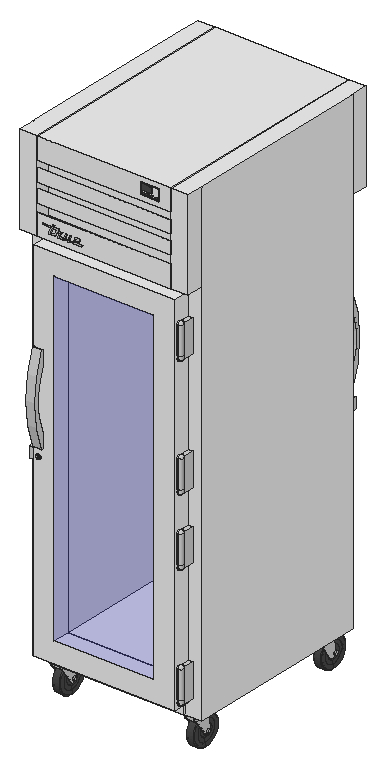
Revit family "QF_TRUE_STR1RPT-1G-1G-HC", category Specialty Equipment, Revit 2012 (continued)
Automatic sketch dimensions
  Revolve 51 sketch curve to Revolve 51 sketch curve = 0.02425"
  Revolve 51 sketch curve to Revolve 51 sketch curve = 0.40666"  (x2)
  Revolve 51 sketch curve to Revolve 51 sketch curve = 0"
  Revolve 51 sketch curve to plane 5 "TOP" = 38.25492"
  Revolve 51 sketch curve to Revolve 51 sketch curve = 0.55526"
  Revolve 51 sketch curve to Revolve 51 sketch curve = 0.19474"
  Revolve 51 sketch curve to Revolve 51 sketch curve = 0.14649"
  Revolve 51 sketch curve to Revolve 51 sketch curve = 4.42889"
  Revolve 51 sketch curve to Revolve 51 sketch curve = 0.05342"
  Revolve 51 sketch curve to Revolve 51 sketch curve = 0.51246"
  Revolve 51 sketch curve to Revolve 51 sketch curve = 0.05889"
  Extrusion 53 sketch curve to Extrusion 53 sketch curve = 0.20453"
  Extrusion 53 sketch curve to Extrusion 53 sketch curve = 0.43503"
  plane 6 to Extrusion 53 sketch curve = 27.92729"
  Extrusion 53 sketch curve to Extrusion 53 sketch curve = 4.39928"
  Extrusion 53 sketch curve to Extrusion 53 sketch curve = 0.71221"
  Revolve 54 sketch curve to Revolve 54 sketch curve = 0.38242"
  Revolve 54 sketch curve to Revolve 54 sketch curve = 0.38436"
  Revolve 54 sketch curve to Revolve 54 sketch curve = 0.02425"
  Revolve 54 sketch curve to Revolve 54 sketch curve = 0.40666"  (x2)
  Revolve 54 sketch curve to Revolve 54 sketch curve = 0"
  plane 6 to Revolve 54 sketch curve = 28.74508"
  Revolve 54 sketch curve to Revolve 54 sketch curve = 0.55526"
  Revolve 54 sketch curve to Revolve 54 sketch curve = 0.19474"
  Revolve 54 sketch curve to Revolve 54 sketch curve = 0.14649"
  Revolve 54 sketch curve to Revolve 54 sketch curve = 4.42889"
  Revolve 54 sketch curve to Revolve 54 sketch curve = 0.05342"
  Revolve 54 sketch curve to Revolve 54 sketch curve = 0.51246"
  Revolve 54 sketch curve to Revolve 54 sketch curve = 0.05889"
  Extrusion 56 sketch curve to Extrusion 56 sketch curve = 0.20453"
  Extrusion 56 sketch curve to Extrusion 56 sketch curve = 0.43503"
  plane 6 to Extrusion 56 sketch curve = 8.17729"
  plane 6 to Extrusion 56 sketch curve = 3.57348"
  Extrusion 56 sketch curve to Extrusion 56 sketch curve = 0.75105"
  Revolve 57 sketch curve to Revolve 57 sketch curve = 0.38242"
  Revolve 57 sketch curve to Revolve 57 sketch curve = 0.38436"
  Revolve 57 sketch curve to Revolve 57 sketch curve = 0.02425"
  Revolve 57 sketch curve to Revolve 57 sketch curve = 0.40666"  (x2)
  Revolve 57 sketch curve to Revolve 57 sketch curve = 0"
  plane 6 to Revolve 57 sketch curve = 8.99508"
  Revolve 57 sketch curve to Revolve 57 sketch curve = 0.55526"
  Revolve 57 sketch curve to Revolve 57 sketch curve = 0.19474"
  Revolve 57 sketch curve to Revolve 57 sketch curve = 0.14649"
  plane 6 to Revolve 57 sketch curve = 3.62689"
  Revolve 57 sketch curve to Revolve 57 sketch curve = 0.05342"
  Revolve 57 sketch curve to Revolve 57 sketch curve = 0.51246"
  Revolve 57 sketch curve to Revolve 57 sketch curve = 0.05889"
  Extrusion 3 sketch curve to Extrusion 3 sketch curve = 31"  (x2)
  Extrusion 3 sketch curve to Extrusion 3 sketch curve = 0.21659"
  Extrusion 25 sketch curve to Extrusion 25 sketch curve = 22.76936"
  Extrusion 31 sketch curve to Extrusion 31 sketch curve = 23.08888"
  Extrusion 34 sketch curve to Extrusion 34 sketch curve = 22.76936"
  Extrusion 35 sketch curve to Extrusion 35 sketch curve = 22.76936"
  Extrusion 40 sketch curve to Extrusion 40 sketch curve = 23.08888"
  Extrusion 47 sketch curve to plane 4 "FRONT" = 35.51521"
  Extrusion 47 sketch curve to Extrusion 47 sketch curve = 1.50065"
  Revolve 48 sketch curve to plane 4 "FRONT" = 35 15/16"
  Extrusion 50 sketch curve to plane 4 "FRONT" = 35.51521"
  Extrusion 50 sketch curve to Extrusion 50 sketch curve = 1.50065"
  Revolve 51 sketch curve to plane 4 "FRONT" = 35 15/16"
  Extrusion 53 sketch curve to plane 4 "FRONT" = 35.51521"
  Extrusion 53 sketch curve to Extrusion 53 sketch curve = 1.50065"
  Revolve 54 sketch curve to plane 4 "FRONT" = 35 15/16"
  Extrusion 56 sketch curve to plane 4 "FRONT" = 35.51521"
  Extrusion 56 sketch curve to Extrusion 56 sketch curve = 1.50065"
  Revolve 57 sketch curve to plane 4 "FRONT" = 35 15/16"
  plane 4 "FRONT" to Extrusion 7 sketch curve = 0.21185"  (x2)
  Extrusion 7 sketch curve to plane 4 "FRONT" = 0"  (x2)
  Extrusion 7 sketch curve to plane 4 "FRONT" = 9.47675"
  Extrusion 7 sketch curve to Extrusion 7 sketch curve = 7.78454"
  Extrusion 7 sketch curve to Extrusion 7 sketch curve = 2.37688"
  Extrusion 7 sketch curve to Extrusion 7 sketch curve = 0"
  plane 8 to Extrusion 59 sketch curve = 0"  (x2)
  Extrusion 59 sketch curve to Extrusion 59 sketch curve = 0.21151"  (x2)
  plane 8 to Extrusion 59 sketch curve = 9.5614"
  Extrusion 59 sketch curve to Extrusion 59 sketch curve = 7.69571"
  Extrusion 59 sketch curve to Extrusion 59 sketch curve = 2.37735"
  plane 6 to Extrusion 7 sketch curve = 32 5/8"
  Extrusion 7 sketch curve to Extrusion 7 sketch curve = 4.87312"
  plane 6 to Extrusion 59 sketch curve = 32 5/8"
  Extrusion 59 sketch curve to Extrusion 59 sketch curve = 4.87265"
  Extrusion 59 sketch curve to Extrusion 59 sketch curve = 0"
  Extrusion 26 sketch curve to plane 6 = 0.63926"  (x2)
  Extrusion 26 sketch curve to plane 4 "FRONT" = 3.79864"
  Extrusion 26 sketch curve to plane 6 = 1.24411"
  Extrusion 26 sketch curve to Extrusion 26 sketch curve = 1/4"  (x2)
  Extrusion 26 sketch curve to Extrusion 26 sketch curve = 1.7492"  (x2)
  Extrusion 26 sketch curve to Extrusion 26 sketch curve = 0.50669"  (x2)
  Extrusion 26 sketch curve to Extrusion 26 sketch curve = 2 1/2"  (x2)
  Extrusion 26 sketch curve to Extrusion 26 sketch curve = 0.59966"  (x2)
  plane 8 to Extrusion 26 sketch curve = 6.82645"
  level to Extrusion 26 sketch curve = 2.59003"  (x2)
  Extrusion 26 sketch curve to Extrusion 26 sketch curve = 0.07363"  (x2)
  Extrusion 26 sketch curve to Extrusion 26 sketch curve = 0.60485"
  Extrusion 1 sketch curve to plane 2 "LEFT" = 0"
  plane 2 "LEFT" to Extrusion 1 sketch curve = 2 55/64"
  Extrusion 1 sketch curve to plane 4 "FRONT" = 2 3/4"
  plane 8 to Extrusion 1 sketch curve = 2 3/4"
  Extrusion 2 sketch curve to plane 3 "RIGHT" = 0"
  Extrusion 2 sketch curve to plane 3 "RIGHT" = 2 55/64"
  Extrusion 2 sketch curve to plane 4 "FRONT" = 2 3/4"
  plane 8 to Extrusion 2 sketch curve = 2 3/4"
  plane 4 "FRONT" to Extrusion 4 sketch curve = 0"
  Extrusion 4 sketch curve to plane 3 "RIGHT" = 2 55/64"
  Extrusion 4 sketch curve to plane 3 "RIGHT" = 3/64"
  Extrusion 4 sketch curve to Extrusion 4 sketch curve = 2 3/4"
  plane 4 "FRONT" to Extrusion 5 sketch curve = 0"
  plane 2 "LEFT" to Extrusion 5 sketch curve = 3/64"
  Extrusion 5 sketch curve to Extrusion 5 sketch curve = 2 13/16"
  Extrusion 5 sketch curve to Extrusion 5 sketch curve = 2 3/4"
  plane 2 "LEFT" to Extrusion 6 sketch curve = 2 9/32"
  Extrusion 6 sketch curve to Extrusion 6 sketch curve = 3 11/32"  (x3)
  Extrusion 6 sketch curve to plane 3 "RIGHT" = 5 5/8"
  Extrusion 6 sketch curve to plane 3 "RIGHT" = 2 9/32"
  plane 6 to Extrusion 6 sketch curve = 1 29/32"
  Extrusion 6 sketch curve to plane 5 "TOP" = 19 1/2"
  plane 2 "LEFT" to Extrusion 8 sketch curve = 3.04215"
  Extrusion 8 sketch curve to Extrusion 8 sketch curve = 0.02035"
  Extrusion 8 sketch curve to Extrusion 8 sketch curve = 0.0555"
  plane 6 to Extrusion 8 sketch curve = 30.95645"
  Extrusion 8 sketch curve to Extrusion 8 sketch curve = 0.29355"
  Extrusion 8 sketch curve to Extrusion 8 sketch curve = 0.27385"
  plane 2 "LEFT" to Extrusion 9 sketch curve = 3.68957"
  Extrusion 9 sketch curve to Extrusion 9 sketch curve = 0.10565"  (x5)
  Extrusion 9 sketch curve to Extrusion 9 sketch curve = 1.03891"
  Extrusion 9 sketch curve to Extrusion 9 sketch curve = 0.04606"
  Extrusion 9 sketch curve to Extrusion 9 sketch curve = 0.04025"
  Extrusion 9 sketch curve to Extrusion 9 sketch curve = 0.33624"
  Extrusion 9 sketch curve to Extrusion 9 sketch curve = 0.03034"  (x2)
  Extrusion 9 sketch curve to Extrusion 9 sketch curve = 0.29274"
  Extrusion 9 sketch curve to Extrusion 9 sketch curve = 0.03232"
  Extrusion 9 sketch curve to Extrusion 9 sketch curve = 0.08083"
  Extrusion 9 sketch curve to Extrusion 9 sketch curve = 0.1527"
  Extrusion 9 sketch curve to Extrusion 9 sketch curve = 0.19721"
  Extrusion 9 sketch curve to Extrusion 9 sketch curve = 0.4629"
  Extrusion 9 sketch curve to Extrusion 9 sketch curve = 0.02197"
  Extrusion 9 sketch curve to Extrusion 9 sketch curve = 0.12632"
  Extrusion 9 sketch curve to Extrusion 9 sketch curve = 0.18591"
  Extrusion 9 sketch curve to Extrusion 9 sketch curve = 0.2322"
  Extrusion 9 sketch curve to Extrusion 9 sketch curve = 0.13786"
  Extrusion 9 sketch curve to Extrusion 9 sketch curve = 0.00907"
  Extrusion 9 sketch curve to Extrusion 9 sketch curve = 0.01413"
  Extrusion 9 sketch curve to Extrusion 9 sketch curve = 0.37162"
  Extrusion 9 sketch curve to Extrusion 9 sketch curve = 0.12551"
  Extrusion 9 sketch curve to Extrusion 9 sketch curve = 0.07633"
  Extrusion 9 sketch curve to Extrusion 9 sketch curve = 0.08445"
  Extrusion 9 sketch curve to Extrusion 9 sketch curve = 0.25598"
  Extrusion 9 sketch curve to Extrusion 9 sketch curve = 0.01887"
  Extrusion 9 sketch curve to Extrusion 9 sketch curve = 0.04061"
  Extrusion 9 sketch curve to Extrusion 9 sketch curve = 0.0653"
  Extrusion 9 sketch curve to Extrusion 9 sketch curve = 0.08474"
  Extrusion 9 sketch curve to Extrusion 9 sketch curve = 0.00815"
  Extrusion 9 sketch curve to Extrusion 9 sketch curve = 0.22037"
  Extrusion 9 sketch curve to Extrusion 9 sketch curve = 0.21921"
  Extrusion 9 sketch curve to Extrusion 9 sketch curve = 0.11572"
  Extrusion 9 sketch curve to Extrusion 9 sketch curve = 0.46643"
  Extrusion 9 sketch curve to Extrusion 9 sketch curve = 0.00535"
  Extrusion 9 sketch curve to Extrusion 9 sketch curve = 0.09269"
  Extrusion 9 sketch curve to Extrusion 9 sketch curve = 0.09348"
  Extrusion 9 sketch curve to Extrusion 9 sketch curve = 0.14812"
  Extrusion 9 sketch curve to Extrusion 9 sketch curve = 0.07778"  (x3)
  Extrusion 9 sketch curve to Extrusion 9 sketch curve = 0.20054"
  Extrusion 9 sketch curve to Extrusion 9 sketch curve = 0.04325"
  Extrusion 9 sketch curve to Extrusion 9 sketch curve = 0.32433"
  Extrusion 9 sketch curve to Extrusion 9 sketch curve = 0.10233"  (x2)
  Extrusion 9 sketch curve to Extrusion 9 sketch curve = 0.16515"
  Extrusion 9 sketch curve to Extrusion 9 sketch curve = 0.27321"
  Extrusion 9 sketch curve to Extrusion 9 sketch curve = 0.0526"
  Extrusion 9 sketch curve to Extrusion 9 sketch curve = 0.10005"
  Extrusion 9 sketch curve to Extrusion 9 sketch curve = 0.06912"
  Extrusion 9 sketch curve to Extrusion 9 sketch curve = 0.13276"
  Extrusion 9 sketch curve to Extrusion 9 sketch curve = 0.17486"
  Extrusion 9 sketch curve to Extrusion 9 sketch curve = 0.05291"
  Extrusion 9 sketch curve to Extrusion 9 sketch curve = 0.53374"
  Extrusion 9 sketch curve to Extrusion 9 sketch curve = 0.09914"  (x2)
  Extrusion 9 sketch curve to Extrusion 9 sketch curve = 0.15992"
  Extrusion 9 sketch curve to Extrusion 9 sketch curve = 0.46666"
  Extrusion 9 sketch curve to Extrusion 9 sketch curve = 0.00582"
  Extrusion 9 sketch curve to Extrusion 9 sketch curve = 0.08216"
  Extrusion 9 sketch curve to Extrusion 9 sketch curve = 0.16397"
  Extrusion 9 sketch curve to Extrusion 9 sketch curve = 0.12601"
  Extrusion 9 sketch curve to Extrusion 9 sketch curve = 0.1363"
  Extrusion 9 sketch curve to Extrusion 9 sketch curve = 0.02323"
  Extrusion 9 sketch curve to Extrusion 9 sketch curve = 0.03844"
  Extrusion 9 sketch curve to Extrusion 9 sketch curve = 0.0454"
  Extrusion 9 sketch curve to Extrusion 9 sketch curve = 0.05693"
  Extrusion 9 sketch curve to Extrusion 9 sketch curve = 0.0917"
  Extrusion 9 sketch curve to Extrusion 9 sketch curve = 0.01902"
  Extrusion 9 sketch curve to Extrusion 9 sketch curve = 0.02191"
  Extrusion 9 sketch curve to Extrusion 9 sketch curve = 0.0347"
  Extrusion 9 sketch curve to Extrusion 9 sketch curve = 0.06385"
  Extrusion 9 sketch curve to Extrusion 9 sketch curve = 0.02906"
  Extrusion 9 sketch curve to Extrusion 9 sketch curve = 0.02851"
  Extrusion 9 sketch curve to Extrusion 9 sketch curve = 0.29237"
  Extrusion 9 sketch curve to Extrusion 9 sketch curve = 0.00537"
  Extrusion 9 sketch curve to Extrusion 9 sketch curve = 0.0406"
  Extrusion 9 sketch curve to Extrusion 9 sketch curve = 0.04327"
  Extrusion 9 sketch curve to Extrusion 9 sketch curve = 0.02615"
  Extrusion 9 sketch curve to Extrusion 9 sketch curve = 0.11806"
  Extrusion 9 sketch curve to Extrusion 9 sketch curve = 0.15103"
  Extrusion 9 sketch curve to Extrusion 9 sketch curve = 0.10007"
  Extrusion 9 sketch curve to Extrusion 9 sketch curve = 0.5254"
  Extrusion 9 sketch curve to Extrusion 9 sketch curve = 0.14787"
  Extrusion 9 sketch curve to plane 5 "TOP" = 13.64562"
  Extrusion 9 sketch curve to Extrusion 9 sketch curve = 0.07275"
  Extrusion 9 sketch curve to Extrusion 9 sketch curve = 0.05776"
  Extrusion 9 sketch curve to Extrusion 9 sketch curve = 0.08631"
  Extrusion 9 sketch curve to Extrusion 9 sketch curve = 0.09282"
  Extrusion 9 sketch curve to Extrusion 9 sketch curve = 0.13018"
  Extrusion 9 sketch curve to Extrusion 9 sketch curve = 0.16714"
  Extrusion 9 sketch curve to Extrusion 9 sketch curve = 0.11061"
  Extrusion 9 sketch curve to Extrusion 9 sketch curve = 0.06046"
  Extrusion 9 sketch curve to Extrusion 9 sketch curve = 0.16548"
  Extrusion 9 sketch curve to Extrusion 9 sketch curve = 0.14279"
  Extrusion 9 sketch curve to Extrusion 9 sketch curve = 0.0496"
  Extrusion 9 sketch curve to Extrusion 9 sketch curve = 0.07293"
  Extrusion 9 sketch curve to Extrusion 9 sketch curve = 0.07764"
  Extrusion 9 sketch curve to Extrusion 9 sketch curve = 0.03794"
  Extrusion 9 sketch curve to Extrusion 9 sketch curve = 0.08552"
  Extrusion 9 sketch curve to Extrusion 9 sketch curve = 0.09296"
  Extrusion 9 sketch curve to Extrusion 9 sketch curve = 0.09314"
  Extrusion 9 sketch curve to Extrusion 9 sketch curve = 0.02781"
  Extrusion 9 sketch curve to Extrusion 9 sketch curve = 0.04981"
  Extrusion 9 sketch curve to Extrusion 9 sketch curve = 0.09315"
  Extrusion 9 sketch curve to Extrusion 9 sketch curve = 0.04799"
  Extrusion 9 sketch curve to Extrusion 9 sketch curve = 0.02531"
  Extrusion 9 sketch curve to Extrusion 9 sketch curve = 0.03054"
  Extrusion 9 sketch curve to Extrusion 9 sketch curve = 0.2589"
  Extrusion 9 sketch curve to Extrusion 9 sketch curve = 0.0674"
  Extrusion 9 sketch curve to Extrusion 9 sketch curve = 0.0324"
  Extrusion 9 sketch curve to Extrusion 9 sketch curve = 0.26185"
  Extrusion 9 sketch curve to Extrusion 9 sketch curve = 11/256"
  Extrusion 9 sketch curve to Extrusion 9 sketch curve = 0.07366"
  Extrusion 9 sketch curve to Extrusion 9 sketch curve = 0.02187"
  Extrusion 9 sketch curve to Extrusion 9 sketch curve = 0.06479"
  Extrusion 9 sketch curve to Extrusion 9 sketch curve = 0.01183"
  Extrusion 9 sketch curve to Extrusion 9 sketch curve = 0.05778"
  Extrusion 9 sketch curve to Extrusion 9 sketch curve = 0.53375"
  Extrusion 9 sketch curve to Extrusion 9 sketch curve = 0.23098"
  Extrusion 9 sketch curve to Extrusion 9 sketch curve = 0"
  Extrusion 9 sketch curve to Extrusion 9 sketch curve = 0.05045"
  Extrusion 9 sketch curve to Extrusion 9 sketch curve = 0.09139"
  Extrusion 9 sketch curve to Extrusion 9 sketch curve = 29/128"  (x3)
  Extrusion 10 sketch curve to plane 3 "RIGHT" = 3 1/4"
  Extrusion 10 sketch curve to plane 5 "TOP" = 2 1/8"
  plane 2 "LEFT" to Blend 11 sketch curve = 2 9/32"
  Blend 11 sketch curve to Blend 11 sketch curve = 3/4"
  plane 6 to Blend 11 sketch curve = 32.17919"
  Blend 11 sketch curve to Blend 11 sketch curve = 1 3/4"
  Blend 11 sketch curve to plane 2 "LEFT" = 2 9/32"
  Blend 11 sketch curve to Blend 11 sketch curve = 0.93223"
  Blend 11 sketch curve to plane 6 = 29.8316"
  Blend 11 sketch curve to Blend 11 sketch curve = 2.78233"
  Extrusion 14 sketch curve to plane 3 "RIGHT" = 1.88366"
  Extrusion 14 sketch curve to Extrusion 14 sketch curve = 0.39759"
  Extrusion 14 sketch curve to plane 5 "TOP" = 19.6514"
  Extrusion 14 sketch curve to Extrusion 14 sketch curve = 4.47281"
  Extrusion 17 sketch curve to plane 3 "RIGHT" = 1.88366"
  Extrusion 17 sketch curve to Extrusion 17 sketch curve = 0.39759"
  plane 6 to Extrusion 17 sketch curve = 38.8486"
  Extrusion 17 sketch curve to Extrusion 17 sketch curve = 4.47281"
  Extrusion 20 sketch curve to plane 3 "RIGHT" = 1.88366"
  Extrusion 20 sketch curve to Extrusion 20 sketch curve = 0.39759"
  plane 6 to Extrusion 20 sketch curve = 27.8486"
  Extrusion 20 sketch curve to Extrusion 20 sketch curve = 4.47281"
  Extrusion 23 sketch curve to plane 3 "RIGHT" = 1.88366"
  Extrusion 23 sketch curve to Extrusion 23 sketch curve = 0.39759"
  plane 6 to Extrusion 23 sketch curve = 8.0986"
  plane 6 to Extrusion 23 sketch curve = 3.62579"
  Revolve 24 sketch curve to plane 3 "RIGHT" = 4.35148"
  Revolve 24 sketch curve to Revolve 24 sketch curve = 0.48273"
  Revolve 24 sketch curve to Revolve 24 sketch curve = 0.4"
  Revolve 24 sketch curve to Revolve 24 sketch curve = 0"  (x2)
  Revolve 24 sketch curve to Revolve 24 sketch curve = 0.1"  (x2)
  Revolve 24 sketch curve to Revolve 24 sketch curve = 0.16101"
  Revolve 24 sketch curve to Revolve 24 sketch curve = 0.75408"
  Revolve 24 sketch curve to Revolve 24 sketch curve = 0.92798"
  Revolve 24 sketch curve to Revolve 24 sketch curve = 0.06101"
  Revolve 24 sketch curve to Revolve 24 sketch curve = 1/2"
  Revolve 24 sketch curve to Revolve 24 sketch curve = 0.16509"
  Revolve 24 sketch curve to Revolve 24 sketch curve = 0.39592"
  level to Revolve 24 sketch curve = 2 1/2"
  Revolve 24 sketch curve to Revolve 24 sketch curve = 0.29941"  (x2)
  Revolve 24 sketch curve to Revolve 24 sketch curve = 3/4"  (x4)
  Revolve 24 sketch curve to Revolve 24 sketch curve = 0.59652"
  Revolve 24 sketch curve to Revolve 24 sketch curve = 0.60059"
  Revolve 27 sketch curve to plane 6 = 0.62954"
  Revolve 27 sketch curve to plane 3 "RIGHT" = 4.14082"
  Revolve 27 sketch curve to Revolve 27 sketch curve = 1.29707"
  Revolve 27 sketch curve to Revolve 27 sketch curve = 0"
  Revolve 27 sketch curve to Revolve 27 sketch curve = 0.10278"
  Revolve 27 sketch curve to plane 6 = 0"
  plane 6 to Revolve 27 sketch curve = 0.26768"
  Revolve 28 sketch curve to level = 0"
  Revolve 28 sketch curve to plane 6 = 0"
  Revolve 28 sketch curve to plane 3 "RIGHT" = 4.17713"
  level to Revolve 28 sketch curve = 1"
  Revolve 28 sketch curve to plane 3 "RIGHT" = 3 19/32"
  Revolve 28 sketch curve to Revolve 28 sketch curve = 1/4"
  Revolve 28 sketch curve to Revolve 28 sketch curve = 1/2"
  Revolve 28 sketch curve to Revolve 28 sketch curve = 0"
  Revolve 28 sketch curve to Revolve 28 sketch curve = 5/8"
  plane 6 to Revolve 28 sketch curve = 1 25/32"
  Revolve 29 sketch curve to level = 0"
  Revolve 29 sketch curve to plane 6 = 0"
  Revolve 29 sketch curve to plane 3 "RIGHT" = 4.17713"
  level to Revolve 29 sketch curve = 1"
  Revolve 29 sketch curve to plane 3 "RIGHT" = 3 19/32"
  Revolve 29 sketch curve to Revolve 29 sketch curve = 1/4"
  Revolve 29 sketch curve to Revolve 29 sketch curve = 1/2"
  Revolve 29 sketch curve to Revolve 29 sketch curve = 0"
  Revolve 29 sketch curve to Revolve 29 sketch curve = 5/8"
  plane 6 to Revolve 29 sketch curve = 1 25/32"
  Revolve 30 sketch curve to plane 6 = 0.62954"
  Revolve 30 sketch curve to plane 3 "RIGHT" = 4.14082"
  Revolve 30 sketch curve to Revolve 30 sketch curve = 1.29707"
  Revolve 30 sketch curve to Revolve 30 sketch curve = 0"
  Revolve 30 sketch curve to Revolve 30 sketch curve = 0.10278"
  Revolve 30 sketch curve to plane 6 = 0"
  plane 6 to Revolve 30 sketch curve = 0.26768"
  Revolve 32 sketch curve to plane 3 "RIGHT" = 4.35148"
  Revolve 32 sketch curve to Revolve 32 sketch curve = 0.48273"
  Revolve 32 sketch curve to Revolve 32 sketch curve = 0.4"
  Revolve 32 sketch curve to Revolve 32 sketch curve = 0"  (x2)
  Revolve 32 sketch curve to Revolve 32 sketch curve = 0.1"  (x2)
  Revolve 32 sketch curve to Revolve 32 sketch curve = 0.16101"
  Revolve 32 sketch curve to Revolve 32 sketch curve = 0.75408"
  Revolve 32 sketch curve to Revolve 32 sketch curve = 0.92798"
  Revolve 32 sketch curve to Revolve 32 sketch curve = 0.06101"
  Revolve 32 sketch curve to Revolve 32 sketch curve = 1/2"
  Revolve 32 sketch curve to Revolve 32 sketch curve = 0.16509"
  Revolve 32 sketch curve to Revolve 32 sketch curve = 0.39592"
  level to Revolve 32 sketch curve = 2 1/2"
  Revolve 32 sketch curve to Revolve 32 sketch curve = 0.29941"  (x2)
  Revolve 32 sketch curve to Revolve 32 sketch curve = 3/4"  (x4)
  Revolve 32 sketch curve to Revolve 32 sketch curve = 0.59652"
  Revolve 32 sketch curve to Revolve 32 sketch curve = 0.60059"
  plane 2 "LEFT" to Revolve 33 sketch curve = 1.33602"
  Revolve 33 sketch curve to Revolve 33 sketch curve = 0.48273"
  Revolve 33 sketch curve to Revolve 33 sketch curve = 0.4"
  Revolve 33 sketch curve to Revolve 33 sketch curve = 0"  (x2)
  Revolve 33 sketch curve to Revolve 33 sketch curve = 0.1"  (x2)
  Revolve 33 sketch curve to Revolve 33 sketch curve = 0.16101"
  Revolve 33 sketch curve to Revolve 33 sketch curve = 0.75408"
  Revolve 33 sketch curve to Revolve 33 sketch curve = 0.92798"
  Revolve 33 sketch curve to Revolve 33 sketch curve = 0.06101"
  Revolve 33 sketch curve to Revolve 33 sketch curve = 1/2"
  Revolve 33 sketch curve to Revolve 33 sketch curve = 0.16509"
  Revolve 33 sketch curve to Revolve 33 sketch curve = 0.39592"
  level to Revolve 33 sketch curve = 2 1/2"
  Revolve 33 sketch curve to Revolve 33 sketch curve = 0.29941"  (x2)
  Revolve 33 sketch curve to Revolve 33 sketch curve = 3/4"  (x4)
  Revolve 33 sketch curve to Revolve 33 sketch curve = 0.59652"
  Revolve 33 sketch curve to Revolve 33 sketch curve = 0.60059"
  Revolve 36 sketch curve to plane 6 = 0"
  Revolve 36 sketch curve to plane 6 = 0.62954"
  plane 2 "LEFT" to Revolve 36 sketch curve = 1.54668"
  Revolve 36 sketch curve to Revolve 36 sketch curve = 1.29707"
  Revolve 36 sketch curve to Revolve 36 sketch curve = 0"
  Revolve 36 sketch curve to Revolve 36 sketch curve = 0.10278"
  plane 6 to Revolve 36 sketch curve = 0.26768"
  Revolve 37 sketch curve to level = 0"
  Revolve 37 sketch curve to plane 6 = 0"
  plane 2 "LEFT" to Revolve 37 sketch curve = 1.51037"
  level to Revolve 37 sketch curve = 1"
  plane 2 "LEFT" to Revolve 37 sketch curve = 2 3/32"
  Revolve 37 sketch curve to Revolve 37 sketch curve = 1/4"
  Revolve 37 sketch curve to Revolve 37 sketch curve = 1/2"
  Revolve 37 sketch curve to Revolve 37 sketch curve = 0"
  Revolve 37 sketch curve to Revolve 37 sketch curve = 5/8"
  plane 6 to Revolve 37 sketch curve = 1 25/32"
  Revolve 38 sketch curve to level = 0"
  Revolve 38 sketch curve to plane 6 = 0"
  plane 2 "LEFT" to Revolve 38 sketch curve = 1.51037"
  level to Revolve 38 sketch curve = 1"
  plane 2 "LEFT" to Revolve 38 sketch curve = 2 3/32"
  Revolve 38 sketch curve to Revolve 38 sketch curve = 1/4"
  Revolve 38 sketch curve to Revolve 38 sketch curve = 1/2"
  Revolve 38 sketch curve to Revolve 38 sketch curve = 0"
  Revolve 38 sketch curve to Revolve 38 sketch curve = 5/8"
  plane 6 to Revolve 38 sketch curve = 1 25/32"
  Revolve 39 sketch curve to plane 6 = 0"
  Revolve 39 sketch curve to plane 6 = 0.62954"
  plane 2 "LEFT" to Revolve 39 sketch curve = 1.54668"
  Revolve 39 sketch curve to Revolve 39 sketch curve = 1.29707"
  Revolve 39 sketch curve to Revolve 39 sketch curve = 0"
  Revolve 39 sketch curve to Revolve 39 sketch curve = 0.10278"
  plane 6 to Revolve 39 sketch curve = 0.26768"
  plane 2 "LEFT" to Revolve 41 sketch curve = 1.33602"
  Revolve 41 sketch curve to Revolve 41 sketch curve = 0.48273"
  Revolve 41 sketch curve to Revolve 41 sketch curve = 0.4"
  Revolve 41 sketch curve to Revolve 41 sketch curve = 0"  (x2)
  Revolve 41 sketch curve to Revolve 41 sketch curve = 0.1"  (x2)
  Revolve 41 sketch curve to Revolve 41 sketch curve = 0.16101"
  Revolve 41 sketch curve to Revolve 41 sketch curve = 0.75408"
  Revolve 41 sketch curve to Revolve 41 sketch curve = 0.92798"
  Revolve 41 sketch curve to Revolve 41 sketch curve = 0.06101"
  Revolve 41 sketch curve to Revolve 41 sketch curve = 1/2"
  Revolve 41 sketch curve to Revolve 41 sketch curve = 0.16509"
  Revolve 41 sketch curve to Revolve 41 sketch curve = 0.39592"
  level to Revolve 41 sketch curve = 2 1/2"
  Revolve 41 sketch curve to Revolve 41 sketch curve = 0.29941"  (x2)
  Revolve 41 sketch curve to Revolve 41 sketch curve = 3/4"  (x4)
  Revolve 41 sketch curve to Revolve 41 sketch curve = 0.59652"
  Revolve 41 sketch curve to Revolve 41 sketch curve = 0.60059"
  plane 2 "LEFT" to Extrusion 42 sketch curve = 5 5/8"
  Extrusion 42 sketch curve to plane 3 "RIGHT" = 5 5/8"
  plane 6 to Extrusion 42 sketch curve = 5 1/4"
  Extrusion 42 sketch curve to plane 5 "TOP" = 19 1/2"
  plane 2 "LEFT" to Extrusion 43 sketch curve = 2 9/32"
  Extrusion 43 sketch curve to Extrusion 43 sketch curve = 3 11/32"  (x2)
  Extrusion 43 sketch curve to plane 3 "RIGHT" = 5 5/8"
  Extrusion 43 sketch curve to plane 3 "RIGHT" = 2 9/32"
  Extrusion 43 sketch curve to plane 5 "TOP" = 16 5/32"
  plane 6 to Extrusion 43 sketch curve = 5 1/4"
  plane 6 to Extrusion 43 sketch curve = 1 29/32"
  plane 2 "LEFT" to Extrusion 44 sketch curve = 5 5/8"
  Extrusion 44 sketch curve to plane 3 "RIGHT" = 5 5/8"
  Extrusion 44 sketch curve to plane 5 "TOP" = 19 1/2"
  plane 6 to Extrusion 44 sketch curve = 5 1/4"
  plane 8 to Extrusion 45 sketch curve = 0"
  Extrusion 45 sketch curve to plane 3 "RIGHT" = 2 55/64"
  Extrusion 45 sketch curve to plane 3 "RIGHT" = 3/64"
  Extrusion 45 sketch curve to Extrusion 45 sketch curve = 2 3/4"
  plane 8 to Extrusion 46 sketch curve = 0"
  plane 2 "LEFT" to Extrusion 46 sketch curve = 3/64"
  Extrusion 46 sketch curve to Extrusion 46 sketch curve = 2 13/16"
  Extrusion 46 sketch curve to Extrusion 46 sketch curve = 2 3/4"
  plane 2 "LEFT" to Extrusion 49 sketch curve = 1.88366"
  Extrusion 49 sketch curve to Extrusion 49 sketch curve = 0.39759"
  Extrusion 49 sketch curve to plane 5 "TOP" = 19.6514"
  Extrusion 49 sketch curve to Extrusion 49 sketch curve = 4.47281"
  plane 2 "LEFT" to Extrusion 52 sketch curve = 1.88366"
  Extrusion 52 sketch curve to Extrusion 52 sketch curve = 0.39759"
  plane 6 to Extrusion 52 sketch curve = 38.8486"
  Extrusion 52 sketch curve to Extrusion 52 sketch curve = 4.47281"
  plane 2 "LEFT" to Extrusion 55 sketch curve = 1.88366"
  Extrusion 55 sketch curve to Extrusion 55 sketch curve = 0.39759"
  plane 6 to Extrusion 55 sketch curve = 27.8486"
  Extrusion 55 sketch curve to Extrusion 55 sketch curve = 4.47281"
  plane 2 "LEFT" to Extrusion 58 sketch curve = 1.88366"
  Extrusion 58 sketch curve to Extrusion 58 sketch curve = 0.39759"
  plane 6 to Extrusion 58 sketch curve = 8.0986"
  plane 6 to Extrusion 58 sketch curve = 3.62579"
  Extrusion 60 sketch curve to plane 3 "RIGHT" = 2.91715"
  Extrusion 60 sketch curve to Extrusion 60 sketch curve = 0.02035"
  Extrusion 60 sketch curve to Extrusion 60 sketch curve = 0.0555"
  plane 6 to Extrusion 60 sketch curve = 30.95645"
  Extrusion 60 sketch curve to Extrusion 60 sketch curve = 0.29355"
  Extrusion 60 sketch curve to Extrusion 60 sketch curve = 0.27385"
  Blend 61 sketch curve to plane 3 "RIGHT" = 2 9/32"  (x2)
  Blend 61 sketch curve to Blend 61 sketch curve = 3/4"
  plane 6 to Blend 61 sketch curve = 32.17919"
  Blend 61 sketch curve to Blend 61 sketch curve = 1 3/4"
  Blend 61 sketch curve to Blend 61 sketch curve = 0.93223"
  plane 6 to Blend 61 sketch curve = 32.61393"
  Blend 61 sketch curve to Blend 61 sketch curve = 2.78233"
  Extrusion 62 sketch curve to plane 5 "TOP" = 2.55982"
  Extrusion 62 sketch curve to plane 3 "RIGHT" = 7.75585"
  Extrusion 62 sketch curve to Extrusion 62 sketch curve = 2 29/32"
  Extrusion 62 sketch curve to plane 5 "TOP" = 13/16"
  Extrusion 63 sketch curve to plane 5 "TOP" = 3/4"
  Extrusion 63 sketch curve to plane 3 "RIGHT" = 7.81835"
  Extrusion 63 sketch curve to Extrusion 63 sketch curve = 1/16"  (x4)
  Extrusion 63 sketch curve to Extrusion 63 sketch curve = 0.1375"  (x2)
  Extrusion 63 sketch curve to Extrusion 63 sketch curve = 1/4"  (x4)
  Extrusion 63 sketch curve to Extrusion 63 sketch curve = 0.44601"
  Extrusion 63 sketch curve to Extrusion 63 sketch curve = 1/2"  (x2)
  Extrusion 63 sketch curve to Extrusion 63 sketch curve = 0.0035"
  Extrusion 63 sketch curve to Extrusion 63 sketch curve = 1.06923"
  Extrusion 63 sketch curve to plane 5 "TOP" = 0.95"
  Extrusion 63 sketch curve to Extrusion 63 sketch curve = 1"
  Extrusion 63 sketch curve to Extrusion 63 sketch curve = 0.34106"  (x3)
  Extrusion 63 sketch curve to Extrusion 63 sketch curve = 0"
  Extrusion 63 sketch curve to Extrusion 63 sketch curve = 0.26876"
  plane 4 "FRONT" to Extrusion 64 sketch curve = 0"
  plane 2 "LEFT" to Extrusion 64 sketch curve = 2.28012"
  Extrusion 64 sketch curve to plane 8 = 0"
  plane 2 "LEFT" to Extrusion 64 sketch curve = 2 9/32"
  Extrusion 64 sketch curve to plane 3 "RIGHT" = 2 9/32"
  Extrusion 64 sketch curve to plane 3 "RIGHT" = 2.28012"
  plane 2 "LEFT" to Extrusion 65 sketch curve = 2 27/32"
  Extrusion 65 sketch curve to plane 4 "FRONT" = 5 3/16"
  plane 2 "LEFT" to Extrusion 66 sketch curve = 2 27/32"
  plane 8 to Extrusion 66 sketch curve = 5.06602"
  Extrusion 67 sketch curve to plane 3 "RIGHT" = 2 27/32"
  plane 8 to Extrusion 67 sketch curve = 5.06602"
  Extrusion 68 sketch curve to plane 3 "RIGHT" = 2 27/32"
  Extrusion 68 sketch curve to plane 4 "FRONT" = 5 3/16"
  curve 1 to plane 2 "LEFT" = 0"
  plane 4 "FRONT" to curve 30 = 0"
  plane 8 to curve 31 = 0"
  curve 21 to plane 10 = 0"
  curve 24 to plane 9 = 0"
  curve 3 to plane 3 "RIGHT" = 0"
  plane 2 "LEFT" to curve 10 = 1.20097"
  plane 2 "LEFT" to curve 6 = 1.41409"
  plane 2 "LEFT" to curve 30 = 2.28012"
  plane 2 "LEFT" to curve 31 = 2 9/32"
  curve 32 to curve 31 = 0"
  curve 9 to curve 11 = 1.08591"
  curve 30 to curve 21 = 0.03238"
  curve 5 to curve 6 = 1.08591"
  curve 31 to curve 9 = 1.41972"
  curve 21 to curve 22 = 1 1/2"
  plane 2 "LEFT" to curve 5 = 3.91409"
  plane 2 "LEFT" to curve 30 = 5.35331"
  curve 31 to plane 3 "RIGHT" = 5.35331"
  curve 13 to plane 3 "RIGHT" = 5.17844"
  curve 18 to plane 3 "RIGHT" = 5.17844"
  curve 17 to curve 19 = 1.08591"
  curve 13 to curve 15 = 1.08591"
  curve 24 to curve 3 = 3 21/32"
  curve 17 to plane 3 "RIGHT" = 2.67844"
  curve 13 to plane 3 "RIGHT" = 2.67844"
  curve 24 to curve 26 = 1 1/4"
  curve 30 to curve 2 = 2 9/32"
  curve 20 to curve 30 = 0"
  curve 26 to curve 32 = 0.12613"
  curve 28 to plane 4 "FRONT" = 2 3/4"
  curve 19 to plane 4 "FRONT" = 3.92849"
  curve 28 to curve 7 = 1.28257"
  curve 18 to curve 18 = 0.62695"
  curve 6 to curve 5 = 0.62695"
  plane 8 to curve 14 = 8.09243"
  plane 8 to curve 11 = 7.96938"
  curve 14 to curve 14 = 0.62695"
  curve 10 to curve 10 = 0.62695"
  curve 12 to curve 29 = 1.0123"
  curve 32 to plane 8 = 0"
  radius of Extrusion 8 sketch curve = 0.35"
  radius of Extrusion 10 sketch curve = 1/4"
  radius of Extrusion 60 sketch curve = 0.35"
  radius of Extrusion 65 sketch curve = 1 1/2"
  radius of Extrusion 66 sketch curve = 1 1/2"
  radius of Extrusion 67 sketch curve = 1 1/2"
  radius of Extrusion 68 sketch curve = 1 1/2"
Connectors (in)
  electrical at (24.25, 2.48221, 82), driven by "Volts", driven by "Watts"
    settings: on Extrusion 10, index 1, voltage 115 V, apparent load 437 VA, apparent load phase1 0 VA, apparent load phase2 0 VA, apparent load phase3 0 VA, power factor 1, load classification "Other", number of poles 1, system type 30, power factor state 1, is connector primary yes, connector utility no, sub classification motor no, connector description "ELECTRICAL CONNECTION"
